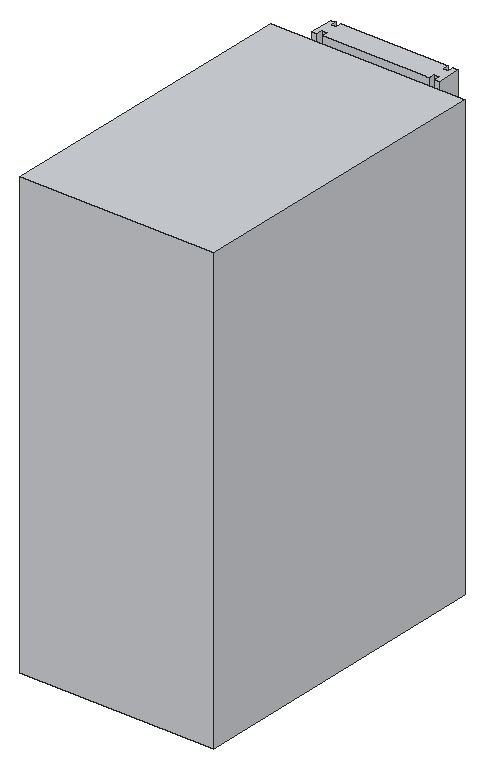
Revit family "ElevatorCart_VersionAlt", category Vertical Circulation, Revit 2025
Family settings
  Round Connector Dimension = Use Diameter
  Part Type = Normal
  Enable Cutting in Views = Yes
  Always vertical = Yes
  Cut with Voids When Loaded = No
  Maintain Annotation Orientation = Yes
  Shared = No
  Room Calculation Point = No
Parameters (values of type "Emergency")
  is_counter_rear [instance] = yes
  Width = 6' - 4"
  WallGap = 1' - 2"
  SideGap = 0' - 7"  # constant formula
  ShowGuide = 2 < 1  # no
  ShowCounter_Side [instance] = not(is_counter_rear)  # no
  ShowCounter_Rear [instance] = is_counter_rear  # yes
  FTF [instance] = 14' - 6"
  ElevatorNote = "ED"
  Depth = 10' - 3"
  Default Elevation = 0' - 0"
  Cost = 1
Types (11): name | Width | WallGap | ElevatorNote | Depth
  Emergency | 6' - 4" | 1' - 2" | "ED" | 10' - 3"
  Patient | 7' - 6" | 0' - 8" | "PT" | 10' - 0"
  Visitor | 8' - 0" | 1' - 0" | "V" | 6' - 4"
  Service(SPD) | 6' - 0" | 0' - 7 3/4" | "SPD" | 10' - 7"
  Service(SPC) | 6' - 0" | 0' - 7 3/4" | "SPC" | 10' - 7"
  Service(KT) | 8' - 0" | 0' - 6 1/4" | "KT" | 7' - 2"
  Robot | 5' - 10" | 0' - 8" | "AGV" | 10' - 0"
  Service(ST) | 6' - 0" | 0' - 7 3/4" | "ST" | 10' - 0"
  Service (SC) | 8' - 0" | 0' - 6 1/4" | "SC" | 7' - 2"
  Service (S) | 7' - 8" | 0' - 8" | "S" | 10' - 0"
  Patient Trauma | 10' - 4" | 0' - 8" | "T" | 11' - 0"
Reference planes (in)
  plane 1 "Center (Front/Back)": y = 0
  plane 2: z = 0
  plane 3 "Center (Left/Right)": x = 0
  plane 4: y = 14
  plane 5: y = 137
  plane 6: x = -38
  plane 7: x = 38
  plane 8: y = 75.5
  plane 9: x = -45
  plane 10: x = 45
Forms (in)
  Extrusion 1, solid
    sketch origin (0, 0, 0) x (1, 0, 0) y (0, 1, 0)
      loop
        line (-38, 137) -> (-38, 14) -> (38, 14) -> (38, 137) -> (-38, 137)
    from 0 to 174 <- "FTF"
Lines and regions (in)
  symbolic lines, style "Anno"
    curve 1: line (-38, 14, 0) -> (38, 137, 0)
    curve 2: line (-38, 137, 0) -> (38, 14, 0)
  symbolic lines, visible <- "ShowGuide"
    curve 3: line (-45, 137, 0) -> (-45, 0, 0)
    curve 4: line (-45, 0, 0) -> (45, 0, 0)
    curve 5: line (45, 0, 0) -> (45, 137, 0)
Dimensions and locks (in)
  equal spacing: plane 6, plane 3 "Center (Left/Right)", plane 7
  "Depth": plane 5 to plane 4
  "Width": plane 6 to plane 7
  equal spacing: plane 5, plane 8, plane 4
  "FTF": level to level
  "WallGap": plane 1 "Center (Front/Back)" to plane 4
  "SideGap": plane 9 to plane 6
  "SideGap": plane 7 to plane 10
  aligned and locked: plane 2 to level
  aligned and locked: Extrusion 1 sketch curve to plane 5
  aligned and locked: plane 6 to Extrusion 1 sketch curve
  aligned and locked: plane 4 to Extrusion 1 sketch curve
  aligned and locked: Extrusion 1 sketch curve to plane 7
  aligned and locked: plane 3 "Center (Left/Right)" to nested 1
  aligned and locked: nested 1 to plane 8
  aligned and locked: plane 5 to curve 5
  aligned and locked: plane 5 to curve 3
  aligned and locked: curve 3 to plane 9
  aligned and locked: plane 10 to curve 5
  aligned and locked: plane 8 to nested 3
  aligned and locked: plane 3 "Center (Left/Right)" to nested 2
  aligned and locked: nested 2 to plane 5
  aligned and locked: plane 6 to nested 3
Automatic sketch dimensions
  curve 1 to plane 4 = 0' - 0"
  curve 1 to plane 6 = 0' - 0"
  curve 2 to plane 5 = 0' - 0"
  curve 2 to plane 6 = 0' - 0"
  curve 1 to plane 5 = 0' - 0"
  curve 1 to plane 7 = 0' - 0"
  curve 2 to plane 4 = 0' - 0"
  curve 2 to plane 7 = 0' - 0"
  plane 1 "Center (Front/Back)" to curve 5 = 0' - 0"
Nested families (in)
  nested 1: "ElevatorNote" at (0, 75.5, 0), Note <- "ElevatorNote", type "ElevatorNote"
    with Note "ED"
  nested 2: "CounterWeight" at (0, 137, 0), h <- "FTF", visible <- "ShowCounter_Rear", type "CounterWeight"
    with h 14' - 6"
  nested 3: "CounterWeight" at (-38, 75.5, 0) x (0, 1, 0) z (0, 0, 1), h <- "FTF", visible <- "ShowCounter_Side", type "CounterWeight"
    with h 14' - 6"
Definition of nested family "CounterWeight"
  Parameters (values of type "CounterWeight")
    x = 0' - 2"  # constant formula
    w = 3' - 6"  # constant formula
    h [instance] = 1' - 0"
    d = 0' - 9"  # constant formula
    Default Elevation = 0' - 0"
  Reference planes (in)
    plane 1 "Center (Front/Back)": y = 0
    plane 2: z = 0
    plane 3 "Center (Left/Right)": x = 0
  Forms (in)
    Extrusion 1, solid
      sketch origin (0, 0, 0) x (1, 0, 0) y (0, 1, 0)
        loop
          line (-21, 13) -> (-21, 11) -> (-23, 11) -> (-23, 13) -> (-25, 13) -> (-25, 4) -> (-23, 4) -> (-23, 6) -> (-21, 6) -> (-21, 4) -> (21, 4) -> (21, 6) -> (23, 6) -> (23, 4) -> (25, 4) -> (25, 13) -> (23, 13) -> (23, 11) -> (21, 11) -> (21, 13) -> (-21, 13)
      from 0 to 12 <- "h"
  Dimensions and locks (in)
    plane 1 "Center (Front/Back)" to Extrusion 1 sketch curve = 0' - 4"
    "d": Extrusion 1 sketch curve to Extrusion 1 sketch curve
    "w": Extrusion 1 sketch curve to Extrusion 1 sketch curve
    equal spacing: Extrusion 1 sketch curve, plane 3 "Center (Left/Right)", Extrusion 1 sketch curve
    "x": Extrusion 1 sketch curve to Extrusion 1 sketch curve to Extrusion 1 sketch curve  (x2)
    "x": Extrusion 1 sketch curve to Extrusion 1 sketch curve  (x4)
    aligned and locked: plane 2 to level
    aligned and locked: Extrusion 1 sketch curve to Extrusion 1 sketch curve  (x8)
Definition of nested family "ElevatorNote"
  Parameters (values of type "ElevatorNote")
    Note [instance] = ""
  Reference planes (in)
    plane 1: y = 0
    plane 2: x = 0
  Text (in)
    label "xxx" at (0.00145, 0.01171, 0), shows "Note"
